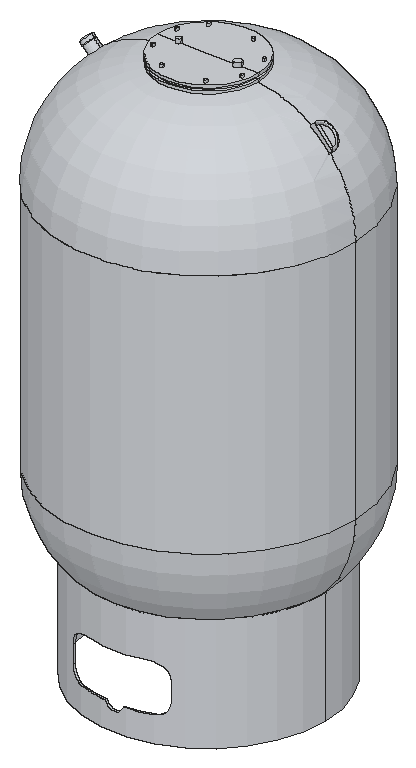
Revit family "FXA-500-WG", category Mechanical Equipment, Revit 2014
Parameters (values of type "FXA-500-WG")
  VoidLength = F * 0.25  # 6"
  Void = 10"
  URL = "http://westank.com/"
  TankVolume = "132 Gallons"
  PartNumber = "21010500"
  OuterRadius = F / 2  # 12"
  Model = "FXA-500"
  MaximumOperatingTemperature = "240°F"
  MaximumOperatingPressure = "125 PSIG"
  Manufacturer = "Wessels Company"
  InnerRadius = (F * 0.9844) / 2  # 11.8128"
  HandleAngle = 35.00°
  G = 2"
  F = 24"
  D = 3/4"
  C = 2"
  BottomOfTheCylinder = 6.11811"
  B = 57"
  ApproximateShipmentWeight = "330 lbs"
  AngleHeight = B * 0.7878  # 44.9046"
  Angle = 35.00°
  A = 30"
Reference planes (in)
  plane 1 "Center (Front/Back)": y = 0
  plane 2: z = 0
  plane 3 "Center (Left/Right)": x = 0
  plane 4: x = -15
  plane 5: x = -3
  plane 6: x = 3
  plane 7: y = 1.9685
  plane 8: y = -1.9685
  plane 9: x = 3
  plane 10: x = -3
  plane 11: z = 57
  plane 12: x = 15
  plane 13: z = 44.9046
  plane 14: x = -1
  plane 15: x = 1
  plane 16: y = 0.11793
  plane 17: y = -0.11793
  plane 18: x = -15
  plane 19: x = 15
  plane 20: x = -12
  plane 21: x = 12
  plane 22: z = 56.818
  plane 23: z = 2
  plane 24: z = 2
  plane 25: x = 3.375
  plane 26: x = 2.625
  plane 27: x = -5
  plane 28: x = 5
Forms (in)
  Revolve 1, solid
    sketch origin (0, 0, -5.125) x (1, 0, 0) y (0, 0, 1)
      loop
        line (0, 60.97933) -> (-4.67524, 60.97933)
        arc (-4.67524, 60.97933) -> (-12.02054, 57.44995) -> (-15, 49.86492) r 11.14461
        line (-15, 49.86492) -> (-15, 24.50812)
        arc (-15, 24.50812) -> (-12.02054, 16.92308) -> (-4.67524, 13.3937) r 11.14461
        line (-4.67524, 13.3937) -> (0, 13.3937) -> (0, 60.97933)
      axis (0, 60.97933) -> (0, 13.3937)
    angle from 0 to 360
  Extrusion 2, solid
    sketch origin (0, 0, 0) x (1, 0, 0) y (0, 1, 0)
      loop
        circle (0, 0) r 12
      loop
        circle (0, 0) r 11.8128
    from 14.78578 to 0
  Revolve 3, solid
    sketch origin (0, 0, 0) x (1, 0, 0) y (0, 0, 1)
      loop
        line (0, 56.64567) -> (0, 55.85433) -> (5.11891, 55.85433) -> (5.11891, 56.10433) -> (4.86891, 56.10433) -> (4.86891, 56.38832) -> (5.11891, 56.38832) -> (5.11891, 56.64567) -> (0, 56.64567)
      axis (0, 56.64567) -> (0, 55.85433)
    angle from 0 to 360
  Extrusion 4, solid
    sketch origin (-60.41868, -180, 55.85433) x (-1, 0, 0) y (0, -1, 0)
      loop
        circle (-57.41868, -180) r 0.25
      loop
        circle (-63.41868, -180) r 0.375
    from 1.14567 to 0.79134
  Revolve 5, solid
    sketch origin (-7.31158, 0, 48.6872) x (-0.707848, 0, 0.706364) y (-0.706364, 0, -0.707848)
      loop
        line (5.51677, 0) -> (5.51677, -0.64856) -> (6.78908, -0.64856) -> (6.81239, -0.67188) -> (7.15285, -0.67188)
        arc (7.15285, -0.67188) -> (7.26101, -0.34361) -> (7.22367, 0) r 0.81647
        line (7.22367, 0) -> (5.51677, 0)
      axis (5.51677, 0) -> (7.22367, 0)
    angle from 0 to 360
  Sweep 6, solid
    path origin (7.35449, 0, 49.12399) x (0.738543, 0, 0.674206) y (-0.674206, 0, 0.738543)
      loop
        arc (6.10198, 1.25) -> (7.35198, 0) -> (6.10198, -1.25) r 1.25
    profile origin (12.78424, 0, 54.08074) x (0.738543, 0, 0.674206) y (0, -1, 0)
      loop
        circle (0, 0) r 0.11811
  Extrusion 7, solid
    sketch origin (-0.375, -180, 1.94094) x (-1, 0, 0) y (0, -1, 0)
      loop
        circle (-0.375, -180) r 1
    from 4.54972 to 6.3349
  Extrusion 8, solid
    sketch origin (3.75409, 0, 45.83723) x (0.738543, 0, 0.674206) y (-0.674206, 0, 0.738543)
      loop
        line (10.97698, 1.36811) -> (10, 1.36811) -> (10, -1.35833) -> (10.97698, -1.35833) -> (10.97698, 1.36811)
    from 0.11793 to -0.11793
  Extrusion 9, solid
    sketch origin (-125.52133, 138.32342, 1.94094) x (0.743145, 0.66913, 0) y (-0.66913, 0.743145, 0)
      loop
        circle (1.01198, -182.18689) r 0.14471
    from 54.87705 to 54.70472
  Extrusion 10, solid
    sketch origin (11.37747, 186.43906, 1.94094) x (0.997899, -0.064782, 0) y (0.064782, 0.997899, 0)
      loop
        circle (1.87447, -182.72266) r 0.14471
    from 54.87705 to 54.70472
  Extrusion 11, solid
    sketch origin (141.40967, 122.03391, 1.94094) x (0.650395, -0.759596, 0) y (0.759596, 0.650395, 0)
      loop
        circle (1.9502, -182.35906) r 0.14471
    from 54.87705 to 54.70472
  Extrusion 12, solid
    sketch origin (186.09748, -16.02186, 1.94094) x (-0.089639, -0.995974, 0) y (0.995974, -0.089639, 0)
      loop
        circle (1.58018, -182.24087) r 0.14471
    from 54.87705 to 54.70472
  Extrusion 13, solid
    sketch origin (118.47064, -144.40803, 1.94094) x (-0.775574, -0.631257, 0) y (0.631257, -0.775574, 0)
      loop
        circle (0.98523, -182.21814) r 0.14471
    from 54.87705 to 54.70472
  Extrusion 14, solid
    sketch origin (-20.65629, -185.64021, 1.94094) x (-0.99343, 0.114441, 0) y (-0.114441, -0.99343, 0)
      loop
        circle (1.87336, -182.71025) r 0.14471
    from 54.87705 to 54.70472
  Extrusion 15, solid
    sketch origin (-147.31662, -114.83373, 1.94094) x (-0.611725, 0.79107, 0) y (-0.79107, -0.611725, 0)
      loop
        circle (1.93086, -182.34332) r 0.14471
    from 54.87705 to 54.70472
  Extrusion 16, solid
    sketch origin (-185.06756, 25.27789, 1.94094) x (0.139172, 0.990268, 0) y (-0.990268, 0.139172, 0)
      loop
        circle (1.55541, -182.24372) r 0.14471
    from 54.87705 to 54.70472
Cuts and joins
  joined: Revolve 1, Extrusion 2, Revolve 5, Extrusion 8
Lines and regions (in)
  reference lines
    curve 1: line (0, 0, 44.9046) -> (-5.93885, 0, 49.06303)
    curve 2: line (0, 0, 44.9046) -> (5.93885, 0, 49.06303)
Dimensions and locks (in)
  equal spacing: plane 6, plane 3 "Center (Left/Right)", plane 5
  "VoidLength": plane 6 to plane 5
  equal spacing: plane 10, plane 3 "Center (Left/Right)", plane 9
  equal spacing: plane 7, plane 1 "Center (Front/Back)", plane 8
  "B": plane 11 to level
  equal spacing: plane 12, plane 3 "Center (Left/Right)", plane 4
  locked: plane 5 to Extrusion 4 sketch curve at 0
  locked: Extrusion 4 sketch curve to plane 1 "Center (Front/Back)" at 0  (x2)
  locked: Extrusion 4 sketch curve to plane 6 at 0
  "C": plane 15 to plane 14
  equal spacing: plane 15, plane 3 "Center (Left/Right)", plane 14
  equal spacing: plane 16, curve 2, plane 17
  equal spacing: plane 19, plane 3 "Center (Left/Right)", plane 18
  "A": plane 19 to plane 18
  equal spacing: plane 21, plane 3 "Center (Left/Right)", plane 20
  "F": plane 21 to plane 20
  locked: plane 11 to plane 22 at 0.182
  "G": plane 23 to level
  equal spacing: plane 26, plane 9, plane 25
  "D": plane 26 to plane 25
  equal spacing: plane 28, plane 3 "Center (Left/Right)", plane 27
  "Void": plane 28 to plane 27
  "OuterRadius": radius of Extrusion 2 sketch curve
  "InnerRadius": radius of Extrusion 2 sketch curve
  diameter of Extrusion 4 sketch curve = 3/4"
  "C": diameter of Extrusion 7 sketch curve
  "Angle": angle curve 1 to plane 13
  "HandleAngle": angle plane 13 to curve 2
  aligned and locked: level to plane 2
  aligned and locked: Extrusion 2 to level
  aligned and locked: Revolve 3 sketch curve to plane 3 "Center (Left/Right)"  (x2)
  aligned and locked: plane 4 to Revolve 1 sketch curve
  aligned and locked: plane 11 to Extrusion 4
  aligned and locked: plane 3 "Center (Left/Right)" to curve 1
  aligned and locked: plane 13 to curve 1
  aligned and locked: Revolve 5 sketch curve to Revolve 5 sketch curve
  aligned and locked: plane 13 to curve 2
  aligned and locked: plane 3 "Center (Left/Right)" to curve 2
  aligned and locked: Extrusion 8 sketch curve to Sweep 6
  aligned and locked: Extrusion 8 to plane 17
  aligned and locked: plane 16 to Extrusion 8
  aligned and locked: Extrusion 15 to Extrusion 16
  aligned and locked: Extrusion 9 to Extrusion 16
  aligned and locked: Extrusion 14 to Extrusion 9
  aligned and locked: Extrusion 10 to Extrusion 14
  aligned and locked: Extrusion 13 to Extrusion 10
  aligned and locked: Extrusion 11 to Extrusion 13
  aligned and locked: Extrusion 12 to Extrusion 13
  aligned and locked: Extrusion 11 to Extrusion 12
  aligned and locked: Extrusion 13 to Extrusion 12
  aligned and locked: Extrusion 10 to Extrusion 12
  aligned and locked: Extrusion 14 to Extrusion 12
  aligned and locked: Extrusion 9 to Extrusion 12
  aligned and locked: Extrusion 15 to Extrusion 9
  aligned and locked: Extrusion 16 to Extrusion 9
  aligned and locked: plane 22 to Extrusion 15
  aligned and locked: Extrusion 15 to Revolve 3
  aligned and locked: plane 25 to Extrusion 4
  aligned and locked: plane 26 to Extrusion 4
Automatic sketch dimensions
  plane 6 to Revolve 3 sketch curve = 1.86891"
  Revolve 3 sketch curve to Revolve 3 sketch curve = 1/4"  (x3)
  Revolve 3 sketch curve to Revolve 3 sketch curve = 1/2"
  plane 10 to Extrusion 9 sketch curve = 0.13744"
  plane 7 to Extrusion 9 sketch curve = 1.64072"
  plane 15 to Extrusion 10 sketch curve = 0.41095"
  plane 7 to Extrusion 10 sketch curve = 2.01028"
  Extrusion 11 sketch curve to plane 7 = 0.02145"
  plane 6 to Extrusion 11 sketch curve = 1.1589"
  plane 8 to Extrusion 12 sketch curve = 0.70873"
  plane 6 to Extrusion 12 sketch curve = 1.44861"
  Extrusion 13 sketch curve to plane 9 = 0.31987"
  Extrusion 13 sketch curve to plane 8 = 1.7378"
  Extrusion 14 sketch curve to plane 14 = 0.60782"
  Extrusion 14 sketch curve to plane 8 = 1.94747"
  plane 8 to Extrusion 15 sketch curve = 0.20625"
  Extrusion 15 sketch curve to plane 5 = 1.2514"
  Extrusion 16 sketch curve to plane 7 = 0.51348"
  Extrusion 16 sketch curve to plane 5 = 1.38091"
  curve 1 to Revolve 5 sketch curve = 6.22298"
  Revolve 5 sketch curve to Revolve 5 sketch curve = 0.93226"
  Revolve 5 sketch curve to Revolve 5 sketch curve = 0.34004"
  Revolve 5 sketch curve to Revolve 5 sketch curve = 0.02331"  (x2)
  Revolve 5 sketch curve to Revolve 5 sketch curve = 0.34046"
  Revolve 5 sketch curve to Revolve 5 sketch curve = 0.07081"
  curve 1 to Revolve 5 sketch curve = 0.5638"
  Revolve 5 sketch curve to Revolve 5 sketch curve = 0.39053"
  curve 1 to Revolve 5 sketch curve = 0.7062"
  Revolve 5 sketch curve to Revolve 5 sketch curve = 0.02633"
  curve 2 to Sweep 6 sketch curve = 7.18858"
  Sweep 6 sketch curve to curve 2 = 0.90941"
  Sweep 6 sketch curve to Sweep 6 sketch curve = 1 1/4"
  Sweep 6 sketch curve to profile plane = 0"  (x2)
  Extrusion 8 sketch curve to Extrusion 8 sketch curve = 0.97698"
  Extrusion 8 sketch curve to curve 2 = 2.26774"
  Extrusion 8 sketch curve to Extrusion 8 sketch curve = 2.72644"
  Revolve 3 sketch curve to Revolve 3 sketch curve = 0.28399"
  Revolve 3 sketch curve to plane 22 = 0.17233"
  Revolve 3 sketch curve to Revolve 3 sketch curve = 0.25735"
  Revolve 3 sketch curve to Revolve 3 sketch curve = 0"
  Extrusion 2 sketch curve to Extrusion 2 sketch curve = 0"  (x2)
  plane 1 "Center (Front/Back)" to Extrusion 2 sketch curve = 0"
  Extrusion 2 sketch curve to plane 3 "Center (Left/Right)" = 0"
  plane 1 "Center (Front/Back)" to Extrusion 7 sketch curve = 0"
  Extrusion 7 sketch curve to plane 3 "Center (Left/Right)" = 0"
  Revolve 1 sketch curve to plane 3 "Center (Left/Right)" = 0"  (x2)
  plane 27 to Revolve 1 sketch curve = 0.32476"  (x2)
  Revolve 1 sketch curve to plane 13 = 0.16468"
  Revolve 1 sketch curve to plane 5 = 0.85539"  (x2)
  plane 23 to Revolve 1 sketch curve = 17.38312"
  Revolve 1 sketch curve to Revolve 1 sketch curve = 0.89665"
  Revolve 1 sketch curve to Revolve 1 sketch curve = 1.77165"
  radius of Extrusion 9 sketch curve = 0.14471"
  radius of Extrusion 10 sketch curve = 0.14471"
  radius of Extrusion 11 sketch curve = 0.14471"
  radius of Extrusion 12 sketch curve = 0.14471"
  radius of Extrusion 13 sketch curve = 0.14471"
  radius of Extrusion 14 sketch curve = 0.14471"
  radius of Extrusion 15 sketch curve = 0.14471"
  radius of Extrusion 16 sketch curve = 0.14471"
  radius of Sweep 6 sketch curve = 0.11811"
  radius of Extrusion 4 sketch curve = 1/4"
Nested families (in)
  nested 1: "BottomVoid" at (-0.00382, -12, 5.0331) x (1, -0.0003, 0) z (-0.0003, -1, 0), VoidLength <- "Void", type "BottomVoid"
    with VoidLength 10", VoidHeight 4.86049"
  nested 2: "ElbowConnector" at (0, -0.11793, 6.49067) x (0, -1, 0) z (0, 0, 1), type "ElbowConnector"
    with PipeDiameter 2", NutDiameter 2 1/2"
Connectors (in)
  piping at (3, 0, 57), diameter 0.75, driven by "D"
    settings: on Extrusion 4, index 5, connector inside diameter 24", connector length 0", flow factor 0, pipe flow 0 GPM, pressure drop 0.00 psi, fitting loss kfactor 0, connector angle 0.00°, fixture units 0, engagement length 0", angle of deflection 0.00°, flow configuration 0, flow direction 0, fitting loss method 0, system type 7, joint type 0, gender type 0, connector reference index -1, connector utility 0, adjustable connector no, is connector primary yes, connector description ""
  piping at (0, -2.11793, 4.49067), diameter 2, driven by "C"
    settings: on nested 2, index 6, connector inside diameter 24", connector length 0", flow factor 0, pipe flow 0 GPM, pressure drop 0.00 psi, fitting loss kfactor 0, connector angle 0.00°, fixture units 0, engagement length 0", angle of deflection 0.00°, flow configuration 0, flow direction 0, fitting loss method 0, system type 7, joint type 0, gender type 0, connector reference index -1, connector utility 0, adjustable connector no, is connector primary no, connector description ""
Definition of nested family "ElbowConnector"
  Parameters (values of type "ElbowConnector")
    PipeDiameter [instance] = 2"
    NutDiameter [instance] = PipeDiameter * 1.25  # 2 1/2"
    Default Elevation = 48"
  Reference planes (in)
    plane 1 "Center (Front/Back)": y = 0
    plane 2: z = 0
    plane 3 "Center (Left/Right)": x = 0
    plane 4: y = 12.38632
    plane 5: x = 2
    plane 6: z = -2
    plane 7: z = -0.64561
    plane 8: z = 0.64561
    plane 9: z = -1.12604
    plane 10: x = 0.70866
    plane 11: x = 0.70866
    plane 12: x = 1.35433
  Forms (in)
    Extrusion 1, solid
      sketch origin (0, 0, 0) x (1, 0, 0) y (0, 1, 0)
        loop
          line (-48, 48) -> (-48, -48) -> (48, -48) -> (48, 48) -> (-48, 48)
      from 0 to -12
    Sweep 2, solid
      path origin (0, 0, 0) x (1, 0, 0) y (0, 0, 1)
        loop
          line (0, 0) -> (0, -0.67719)
          arc (0, -0.67719) -> (0.38744, -1.61256) -> (1.32281, -2) r 1.32281
          line (1.32281, -2) -> (1.35433, -2)
      profile origin (0, 0, -0.3386) x (0, -1, 0) y (1, 0, 0)
        loop
          circle (0, 0) r 1
    Extrusion 3, solid
      sketch origin (0.88583, -180, 0.64561) x (1, 0, 0) y (0, 1, 0)
        loop
          circle (-0.88583, 180) r 1.25
      from 0 to -1.29123
    Extrusion 4, solid
      sketch origin (1.35433, 0, -2) x (0, -1, 0) y (0, 0, -1)
        loop
          circle (0, 0) r 1.25
      from 0.64567 to -0.64567
  Dimensions and locks (in)
    locked: plane 5 to plane 3 "Center (Left/Right)" at 2
    "PipeDiameter": diameter of Sweep 2 sketch curve
    "NutDiameter": diameter of Extrusion 3 sketch curve
    "NutDiameter": diameter of Extrusion 4 sketch curve
    aligned and locked: plane 2 to Extrusion 1
    aligned and locked: level to Extrusion 1
    aligned and locked: plane 7 to Extrusion 3
    aligned and locked: plane 2 to Sweep 2 sketch curve
    aligned and locked: plane 12 to Sweep 2 sketch curve
    aligned and locked: plane 5 to Extrusion 4
  Automatic sketch dimensions
    Extrusion 1 sketch curve to Extrusion 1 sketch curve = 96"  (x2)
    Sweep 2 sketch curve to plane 3 "Center (Left/Right)" = 0"
    Sweep 2 sketch curve to plane 6 = 0"
    plane 7 to Sweep 2 sketch curve = 0.03158"
    plane 1 "Center (Front/Back)" to Sweep 2 sketch curve = 0"
    Sweep 2 sketch curve to profile plane = 0"
    plane 1 "Center (Front/Back)" to Extrusion 3 sketch curve = 0"
    Extrusion 3 sketch curve to plane 3 "Center (Left/Right)" = 0"
